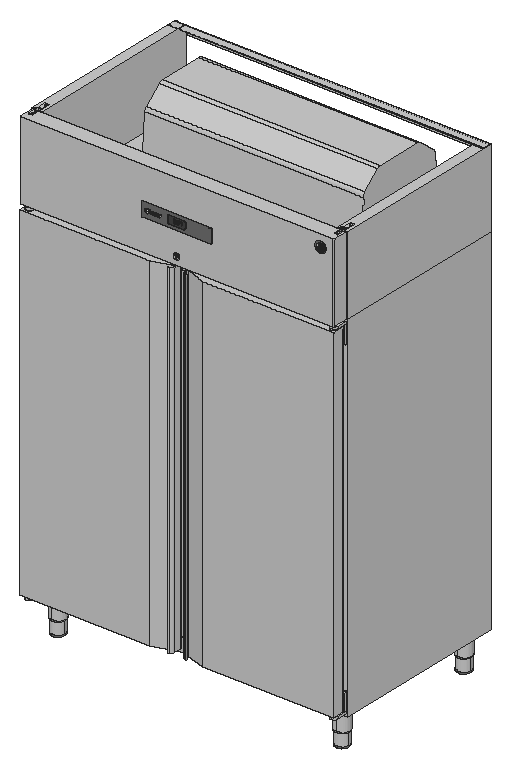
Revit family "QF_HOSHIZAKI_133141070", category Specialty Equipment, Revit 2016
Family settings
  Part Type = Normal
  Round Connector Dimension = Use Diameter
  OmniClass Number = 23.40.40.14
  OmniClass Title = Food Service Equipment
  Work Plane-Based = No
  Always vertical = Yes
  Cut with Voids When Loaded = No
  Shared = No
  Room Calculation Point = No
Parameters (values of type "133141070_230V/1Ph/50Hz")
  Weight = 183.00 kg
  Volts = 230 V
  URL Cutsheet = ""
  URL = "www.hoshizaki-europe.com"
  Status [instance] = ""
  Specification by User [instance] = ""
  Specification by Manufacturer [instance] = ""
  Serial Number = ""
  Seismic Rating = ""
  SMACNA No = ""
  Revision Code [instance] = ""
  Phase = 1
  Number of Poles = 2
  NAFEM Spec ID Number = ""
  Model = "ADVANCE F 140-4 L"
  Min Ckt Ampacity = 0 A
  Max Overcurrent Protection = 0 A
  Masterspec = ""
  Manufacturer = "HOSHIZAKI"
  Length Actual = 1344 mm
  Item Number [instance] = ""
  Installed By [instance] = ""
  Identify Quantity as Lot [instance] = no
  Height Actual = 2000 mm
  HP power = ""
  Furnished By [instance] = ""
  Foodservice Equipment Identifier [instance] = yes
  FL Amps = 46.08 A
  Electric power = 10600 W
  Electric Connection Type [instance] = ""
  Elec Conn RI Height [instance] = 0 mm
  Elec Conn Connection Height [instance] = 1550 mm
  Description = "ADVANCE DOUBLE DOOR FREEZER, 2/1 DEEP, AISI430 STAINLESS STEEL EXTERIOR AND INTERIOR, HC NATURAL REFRIGERANT, LEGS"
  Depth Actual = 830 mm
  Cycle = 50 Hz
  Cost = 0
  Conn Plug = ""
  Conn Conduit = no
  CSI MasterFormat = ""
  Assembly Code = "E1090320"
  Apparent Power = 10600 VA
  Accessory = no
Reference planes
  plane 1 "Center (Front/Back)": y = 0
  plane 2: z = 0
  plane 3 "Center (Left/Right)": x = 0
Forms (mm)
  Extrusion 1, solid, not visible
    sketch origin (1314, -2, 1699) x (1, 0, 0) y (0, 1, 0)
      loop
        line (0, 0) -> (2, 0) -> (2, 2) -> (0, 2) -> (0, 0)
    from 0 to 2
Dimensions and locks
  aligned and locked: level to plane 2
Nested families
  nested 1: "QF_HOSHIZAKI_133141070_230V_1Ph_50Hz" at (0, 0, 150), type "133141070_230V/1Ph/50Hz"
    with Show Logo yes, Show Clearance yes
  nested 2: "QF_HOSHIZAKI_PRE_ADV_LEGS" at (0, 0, 0), type "760660118-1344X830"
    with Length Actual 1344 mm, Height Actual 150 mm, Depth Actual 830 mm
Connectors
  electrical at (1315, 0, 1700), driven by "Apparent Power", driven by "Number of Poles", driven by "Volts"
    settings: on Extrusion 1, index 1, voltage 230 V, apparent load 0 VA, apparent load phase1 10600 VA, apparent load phase2 0 VA, apparent load phase3 0 VA, power factor 1, load classification "Other", number of poles 2, system type 31, power factor state 1, is connector primary yes, connector utility no, sub classification motor no, connector description "Electric connection for '133141070'"
Definition of nested family "QF_HOSHIZAKI_133141070_230V_1Ph_50Hz"
  Parameters (values of type "133141070_230V/1Ph/50Hz")
    URL = "www.hoshizaki-europe.com"
    Show Logo [instance] = yes
    Show Clearance [instance] = yes
    Model = "ADVANCE F 140-4 L"
    Manufacturer = "HOSHIZAKI"
    Description = "ADVANCE DOUBLE DOOR FREEZER, 2/1 DEEP, AISI 304 STAINLESS STEEL EXTERIOR AND INTERIOR, HC NATURAL REFRIGERANT, LEGS"
    Assembly Code = "E1090320"
  Types (6, lengths in mm): name | Model | Description
    131141070 | "ADVANCE K 140-4 L" | "ADVANCE DOUBLE DOOR REFRIGERATOR, 2/1 GN DEEP, AISI 304 STAINLESS STEEL EXTERIOR AND INTERIOR, HC NATURAL REFRIGERANT, LEGS"
    133141070_230V/1Ph/50Hz | "ADVANCE F 140-4 L" | "ADVANCE DOUBLE DOOR FREEZER, 2/1 DEEP, AISI 304 STAINLESS STEEL EXTERIOR AND INTERIOR, HC NATURAL REFRIGERANT, LEGS"
    123142070 | "ADVANCE F 140-3 C" | "ADVANCE DOUBLE DOOR FREEZER, 2/1 DEEP, AISI 403 STAINLESS STEEL EXTERIOR AND INTERIOR, HC NATURAL REFRIGERANT, CASTORS"
    131142090 | "ADVANCE K 140-4 C U" | "ADVANCE DOUBLE DOOR REFRIGERATOR, 2/1 GN DEEP, AISI 304 STAINLESS STEEL EXTERIOR AND INTERIOR, HC NATURAL REFRIGERANT, CASTORS"
    133142090 | "ADVANCE F 140-4 C U" | "ADVANCE DOUBLE DOOR FREEZER, 2/1 DEEP, AISI 304 STAINLESS STEEL EXTERIOR AND INTERIOR, HC NATURAL REFRIGERANT, CASTORS"
    12142070 | "ADVANCE K 140-3 C" | "ADVANCE DOUBLE DOOR REFRIGERATOR, 2/1 GN DEEP, AISI 403 STAINLESS STEEL EXTERIOR AND INTERIOR, HC NATURAL REFRIGERANT, CASTORS"
  Reference planes
    plane 1 "Back": y = 0
    plane 2: z = 0
    plane 3 "Left": x = 0
    plane 4 "Right": x = 1344
    plane 5 "Front": y = -830.03
    plane 6 "Top": z = 1850
  Forms (mm)
    Extrusion 1, solid
      sketch origin (653.43, 17.68, 1850) x (1, 0, 0) y (0, 1, 0)
        loop
          line (675.57, -773.038) -> (675.57, -726.21) -> (660.57, -726.21) -> (660.57, -773.038) -> (675.57, -773.038)
        loop
          circle (668.07, -734.247) r 1.711
        loop
          circle (668.07, -765.001) r 1.711
      from 0 to 2
    Extrusion 2, solid
      sketch origin (653.43, -41.179, 1850) x (1, 0, 0) y (0, 1, 0)
        loop
          line (675.57, -752.351) -> (675.57, -720.851) -> (660.57, -720.851) -> (660.57, -752.351) -> (675.57, -752.351)
        loop
          circle (668.07, -727.851) r 1.711
        loop
          circle (668.07, -745.351) r 1.711
      from 0 to 2
    Extrusion 3, solid
      sketch origin (1314, 17.68, -100.1) x (0, 1, 0) y (0, 0, 1)
        loop
          arc (-776.21, 1952.1) -> (-777.016, 1954.865) -> (-774.851, 1952.966) r 1.5
          line (-774.851, 1952.966) -> (-772.968, 1952.281)
          arc (-772.968, 1952.281) -> (-778.164, 1956.504) -> (-776.21, 1950.1) r 3.5
          line (-776.21, 1950.1) -> (-773.038, 1950.1) -> (-773.038, 1952.1) -> (-776.21, 1952.1)
      from 0 to 15
    Extrusion 4, solid
      sketch origin (-645.57, 17.68, 1850) x (1, 0, 0) y (0, 1, 0)
        loop
          line (675.57, -773.038) -> (675.57, -726.21) -> (660.57, -726.21) -> (660.57, -773.038) -> (675.57, -773.038)
        loop
          circle (668.07, -734.247) r 1.711
        loop
          circle (668.07, -765.001) r 1.711
      from 0 to 2
    Extrusion 5, solid
      sketch origin (-645.57, -41.179, 1850) x (1, 0, 0) y (0, 1, 0)
        loop
          line (675.57, -752.351) -> (675.57, -720.851) -> (660.57, -720.851) -> (660.57, -752.351) -> (675.57, -752.351)
        loop
          circle (668.07, -727.851) r 1.711
        loop
          circle (668.07, -745.351) r 1.711
      from 0 to 2
    Extrusion 6, solid
      sketch origin (15, 17.68, -100.1) x (0, 1, 0) y (0, 0, 1)
        loop
          arc (-776.21, 1952.1) -> (-777.016, 1954.865) -> (-774.851, 1952.966) r 1.5
          line (-774.851, 1952.966) -> (-772.968, 1952.281)
          arc (-772.968, 1952.281) -> (-778.164, 1956.504) -> (-776.21, 1950.1) r 3.5
          line (-776.21, 1950.1) -> (-773.038, 1950.1) -> (-773.038, 1952.1) -> (-776.21, 1952.1)
      from 0 to 15
    Extrusion 7, solid
      sketch origin (0, 0, -100) x (0, 1, 0) y (0, 0, 1)
        loop
          line (-760.03, 1617.5) -> (0, 1617.5) -> (0, 1948.5)
          arc (0, 1948.5) -> (-0.439, 1949.561) -> (-1.5, 1950) r 1.5
          line (-1.5, 1950) -> (-759.38, 1950)
          arc (-759.38, 1950) -> (-759.84, 1949.81) -> (-760.03, 1949.35) r 0.65
          line (-760.03, 1949.35) -> (-760.03, 1617.5)
      from 0 to 45
    Extrusion 8, solid
      sketch origin (1299, 0, -100) x (0, 1, 0) y (0, 0, 1)
        loop
          line (-760.03, 1617.5) -> (0, 1617.5) -> (0, 1948.5)
          arc (0, 1948.5) -> (-0.439, 1949.561) -> (-1.5, 1950) r 1.5
          line (-1.5, 1950) -> (-759.38, 1950)
          arc (-759.38, 1950) -> (-759.84, 1949.81) -> (-760.03, 1949.35) r 0.65
          line (-760.03, 1949.35) -> (-760.03, 1617.5)
      from 0 to 45
    Extrusion 9, solid
      sketch origin (0, 1.5, -100.1) x (0, 1, 0) y (0, 0, 1)
        loop
          line (-1.51, 1951.6) -> (-38.51, 1951.6) -> (-38.51, 1950.1) -> (-3, 1950.1)
          arc (-3, 1950.1) -> (-1.939, 1949.661) -> (-1.5, 1948.6) r 1.5
          line (-1.5, 1948.6) -> (-1.5, 1914.7) -> (0, 1914.7) -> (0, 1950.09)
          arc (0, 1950.09) -> (-0.442, 1951.158) -> (-1.51, 1951.6) r 1.51
      from 1.06 to 1343.06
    Extrusion 10, solid
      sketch origin (0, 17.57, 1849.9) x (1, 0, 0) y (0, 1, 0)
        loop
          line (4.5, -778.8) -> (4.5, -842.7)
          arc (4.5, -842.7) -> (5.935, -846.165) -> (9.4, -847.6) r 4.9
          line (9.4, -847.6) -> (1334.6, -847.6)
          arc (1334.6, -847.6) -> (1338.065, -846.165) -> (1339.5, -842.7) r 4.9
          line (1339.5, -842.7) -> (1339.5, -778.8)
          arc (1339.5, -778.8) -> (1339.149, -777.951) -> (1338.3, -777.6) r 1.2
          line (1338.3, -777.6) -> (5.7, -777.6)
          arc (5.7, -777.6) -> (4.851, -777.951) -> (4.5, -778.8) r 1.2
      from -332.4 to 0.1
    Extrusion 11, solid
      sketch origin (0, 0, -100) x (1, 0, 0) y (0, 0, 1)
        loop
          line (45, 1638.52) -> (45, 1617.5) -> (1299, 1617.5) -> (1299, 1638.52) -> (45, 1638.52)
      from 0 to 760.03
    Extrusion 12, solid
      sketch origin (0, 0, 0) x (1, 0, 0) y (0, 0, 1)
        loop
          line (0, 1517.5) -> (0, 0) -> (1344, 0) -> (1344, 1517.5) -> (0, 1517.5)
        loop
          line (60, 1457.5) -> (60, 60) -> (1284, 60) -> (1284, 1457.5) -> (60, 1457.5)
      from 0 to 760.03
    Extrusion 13, solid
      sketch origin (0, 0, 0) x (1, 0, 0) y (0, 0, 1)
        loop
          line (60, 60) -> (1284, 60) -> (1284, 1457.5) -> (60, 1457.5) -> (60, 60)
      from 0 to 45
    Extrusion 14, solid
      sketch origin (0, -660.03, 0) x (1, 0, 0) y (0, 0, 1)
        loop
          line (630, 1457.5) -> (630, 60) -> (714, 60) -> (714, 1457.5) -> (630, 1457.5)
      from 0 to 100
    Extrusion 15, solid
      sketch origin (672, -795.027, 27.1) x (-1, 0, 0) y (0, 0, -1)
        loop
          line (637.933, -1453.343) -> (637.933, -14.657) -> (53.047, -14.657) -> (53.047, -1453.343) -> (637.933, -1453.343)
        loop
          line (73.047, -1433.343) -> (617.933, -1433.343) -> (617.933, -34.657) -> (73.047, -34.657) -> (73.047, -1433.343)
      from -34.997 to -15.007
    Extrusion 16, solid
      sketch origin (686.75, -756.398, 1495.1) x (-1, 0, 0) y (0, -1, 0)
        loop
          line (646.35, 3.632) -> (678.35, 3.632) -> (678.35, 45.629)
          arc (678.35, 45.629) -> (662.35, 61.629) -> (646.35, 45.629) r 16
          line (646.35, 45.629) -> (646.35, 3.632)
        loop
          circle (662.35, 45.629) r 5
      from 2.9 to 9.9
    Extrusion 17, solid
      sketch origin (686.75, -757.401, -74.9) x (0, 1, 0) y (0, 0, -1)
        loop
          line (-9.129, -1500.199) -> (-9.129, -1572.9) -> (-2.629, -1572.9) -> (-2.629, -1493.9) -> (-4.629, -1493.9) -> (-9.129, -1500.199)
      from 646.35 to 678.35
    Extrusion 18, solid
      sketch origin (686.75, -756.398, 1495.1) x (-1, 0, 0) y (0, -1, 0)
        loop
          circle (662.35, 45.629) r 16
      from 0 to 2.9
    Extrusion 19, solid
      sketch origin (686.75, -756.398, 1495.1) x (-1, 0, 0) y (0, -1, 0)
        loop
          circle (662.35, 45.629) r 5
      from 0 to 9.9
    Extrusion 20, solid
      sketch origin (686.75, -756.398, 25.1) x (-1, 0, 0) y (0, -1, 0)
        loop
          line (602.25, 32.879) -> (677.25, 32.879) -> (677.25, 58.379) -> (602.25, 58.379) -> (602.25, 32.879)
        loop
          circle (636.875, 45.629) r 5
        loop
          circle (611.525, 45.629) r 5
      from 0 to 2
    Extrusion 21, solid
      sketch origin (686.75, -756.398, 7.1) x (0, 1, 0) y (-1, 0, 0)
        loop
          line (-3.632, 646.35) -> (-3.632, 678.35) -> (-45.629, 678.35)
          arc (-45.629, 678.35) -> (-61.629, 662.35) -> (-45.629, 646.35) r 16
          line (-45.629, 646.35) -> (-3.632, 646.35)
        loop
          circle (-45.629, 662.35) r 5
      from 2.9 to 9.9
    Extrusion 22, solid
      sketch origin (686.75, -757.401, 1589.9) x (0, 1, 0) y (0, 0, -1)
        loop
          line (-9.129, 1500.199) -> (-4.629, 1493.9) -> (-2.629, 1493.9) -> (-2.629, 1572.9) -> (-9.129, 1572.9) -> (-9.129, 1500.199)
      from 646.35 to 678.35
    Extrusion 23, solid
      sketch origin (686.75, -756.398, 9) x (0, 1, 0) y (-1, 0, 0)
        loop
          circle (-45.629, 662.35) r 5
      from 0 to 16.1
    Extrusion 24, solid
      sketch origin (774.882, -873.184, 27.1) x (-1, 0, 0) y (0, -1, 0)
        loop
          arc (769.772, -93.164) -> (770.203, -92.985) -> (770.382, -92.554) r 0.61
          line (770.382, -92.554) -> (770.382, -43.764)
          arc (770.382, -43.764) -> (770.203, -43.333) -> (769.772, -43.154) r 0.61
          line (769.772, -43.154) -> (216.079, -43.154) -> (127.057, -70.711) -> (127.057, -60.1)
          arc (127.057, -60.1) -> (129.536, -52.667) -> (135.929, -48.138) r 12.598
          line (135.929, -48.138) -> (143.363, -45.837)
          arc (143.363, -45.837) -> (143.923, -44.774) -> (142.86, -44.213) r 0.85
          line (142.86, -44.213) -> (135.209, -46.581)
          arc (135.209, -46.581) -> (128.081, -51.647) -> (125.349, -59.955) r 14
          line (125.349, -59.955) -> (125.349, -92.354)
          arc (125.349, -92.354) -> (125.586, -92.927) -> (126.159, -93.164) r 0.81
          line (126.159, -93.164) -> (769.772, -93.164)
      from 0 to 1468
    Extrusion 25, solid
      sketch origin (672, -795.027, 27.1) x (1, 0, 0) y (0, 0, 1)
        loop
          line (637.933, 1453.343) -> (53.047, 1453.343) -> (53.047, 14.657) -> (637.933, 14.657) -> (637.933, 1453.343)
        loop
          line (73.047, 1433.343) -> (73.047, 34.657) -> (617.933, 34.657) -> (617.933, 1433.343) -> (73.047, 1433.343)
      from -34.997 to -15.007
    Extrusion 26, solid
      sketch origin (657.25, -756.398, 1495.1) x (1, 0, 0) y (0, 1, 0)
        loop
          line (646.35, -3.632) -> (646.35, -45.629)
          arc (646.35, -45.629) -> (662.35, -61.629) -> (678.35, -45.629) r 16
          line (678.35, -45.629) -> (678.35, -3.632) -> (646.35, -3.632)
        loop
          circle (662.35, -45.629) r 5
      from 2.9 to 9.9
    Extrusion 27, solid
      sketch origin (657.25, -757.401, -74.9) x (0, 1, 0) y (0, 0, 1)
        loop
          line (-9.129, 1500.199) -> (-4.629, 1493.9) -> (-2.629, 1493.9) -> (-2.629, 1572.9) -> (-9.129, 1572.9) -> (-9.129, 1500.199)
      from 646.35 to 678.35
    Extrusion 28, solid
      sketch origin (657.25, -756.398, 1495.1) x (1, 0, 0) y (0, 1, 0)
        loop
          circle (662.35, -45.629) r 16
      from 0 to 2.9
    Extrusion 29, solid
      sketch origin (657.25, -756.398, 1495.1) x (1, 0, 0) y (0, 1, 0)
        loop
          circle (662.35, -45.629) r 5
      from 0 to 9.9
    Extrusion 30, solid
      sketch origin (657.25, -756.398, 25.1) x (1, 0, 0) y (0, 1, 0)
        loop
          line (602.25, -32.879) -> (602.25, -58.379) -> (677.25, -58.379) -> (677.25, -32.879) -> (602.25, -32.879)
        loop
          circle (636.875, -45.629) r 5
        loop
          circle (611.525, -45.629) r 5
      from 0 to 2
    Extrusion 31, solid
      sketch origin (657.25, -756.398, 7.1) x (0, -1, 0) y (1, 0, 0)
        loop
          line (3.632, 646.35) -> (45.629, 646.35)
          arc (45.629, 646.35) -> (61.629, 662.35) -> (45.629, 678.35) r 16
          line (45.629, 678.35) -> (3.632, 678.35) -> (3.632, 646.35)
        loop
          circle (45.629, 662.35) r 5
      from 2.9 to 9.9
    Extrusion 32, solid
      sketch origin (657.25, -757.401, 1589.9) x (0, 1, 0) y (0, 0, 1)
        loop
          line (-9.129, -1500.199) -> (-9.129, -1572.9) -> (-2.629, -1572.9) -> (-2.629, -1493.9) -> (-4.629, -1493.9) -> (-9.129, -1500.199)
      from 646.35 to 678.35
    Extrusion 33, solid
      sketch origin (657.25, -756.398, 9) x (0, -1, 0) y (1, 0, 0)
        loop
          circle (45.629, 662.35) r 5
      from 0 to 16.1
    Extrusion 34, solid
      sketch origin (569.118, -873.184, 27.1) x (1, 0, 0) y (0, 1, 0)
        loop
          line (769.772, 93.164) -> (126.159, 93.164)
          arc (126.159, 93.164) -> (125.586, 92.927) -> (125.349, 92.354) r 0.81
          line (125.349, 92.354) -> (125.349, 59.955)
          arc (125.349, 59.955) -> (128.081, 51.647) -> (135.209, 46.581) r 14
          line (135.209, 46.581) -> (142.86, 44.213)
          arc (142.86, 44.213) -> (143.923, 44.774) -> (143.363, 45.837) r 0.85
          line (143.363, 45.837) -> (135.929, 48.138)
          arc (135.929, 48.138) -> (129.536, 52.667) -> (127.057, 60.1) r 12.598
          line (127.057, 60.1) -> (127.057, 70.711) -> (216.079, 43.154) -> (769.772, 43.154)
          arc (769.772, 43.154) -> (770.203, 43.333) -> (770.382, 43.764) r 0.61
          line (770.382, 43.764) -> (770.382, 92.554)
          arc (770.382, 92.554) -> (770.203, 92.985) -> (769.772, 93.164) r 0.61
      from 0 to 1468
    Extrusion 35, solid
      sketch origin (-12.78, 0, -100) x (0, 1, 0) y (0, 0, 1)
        loop
          arc (-113.281, 1932.651) -> (-120.8, 1936.992) -> (-129.35, 1938.5) r 25
          line (-129.35, 1938.5) -> (-324.65, 1938.5)
          arc (-324.65, 1938.5) -> (-333.2, 1936.992) -> (-340.719, 1932.651) r 25
          line (-340.719, 1932.651) -> (-408.922, 1875.423)
          arc (-408.922, 1875.423) -> (-415.027, 1867.815) -> (-417.757, 1858.45) r 25
          line (-417.757, 1858.45) -> (-436.998, 1638.52) -> (-17.002, 1638.52) -> (-36.243, 1858.45)
          arc (-36.243, 1858.45) -> (-38.973, 1867.815) -> (-45.078, 1875.423) r 25
          line (-45.078, 1875.423) -> (-113.281, 1932.651)
      from 219.97 to 1149.59
    Extrusion 36, solid, visible <- "Show Logo"
      sketch origin (1743.884, -828.53, -60.1) x (-1, 0, 0) y (0, 0, -1)
        loop
          circle (459.884, -1862.5) r 13.99
      from 0 to 2.5
    Extrusion 37, solid, visible <- "Show Logo"
      sketch origin (1743.884, -829.03, -60.1) x (-1, 0, 0) y (0, 0, -1)
        loop
          circle (459.884, -1862.5) r 15
        loop
          arc (446.884, -1862.5) -> (460.705, -1875.474) -> (472.781, -1860.863) r 13
          line (472.781, -1860.863) -> (470.355, -1858.437) -> (469.346, -1862.201) -> (466.355, -1863.928) -> (465.024, -1865.26) -> (463.375, -1865.26) -> (462.04, -1870.241) -> (457.755, -1870.241) -> (459.339, -1867.979) -> (460.402, -1864.014) -> (461.224, -1860.945) -> (462.416, -1856.497) -> (461.216, -1855.297) -> (459.433, -1857.843) -> (455.784, -1851.523) -> (460.361, -1851.523) -> (461.471, -1853.446) -> (469.213, -1853.446)
          arc (469.213, -1853.446) -> (460.394, -1849.51) -> (451.293, -1852.743) r 13
          line (451.293, -1852.743) -> (455.577, -1853.891) -> (453.752, -1856.497) -> (455.349, -1856.497) -> (454.477, -1866.459) -> (452.538, -1866.459) -> (446.884, -1862.5)
        loop
          line (447.853, -1857.467) -> (452.313, -1861.926) -> (450.144, -1853.891)
          arc (450.144, -1853.891) -> (448.878, -1855.602) -> (447.853, -1857.467) r 15.828
        loop
          line (463.583, -1862.877) -> (466.64, -1862.399) -> (464.901, -1861.285) -> (463.583, -1857.664) -> (463.583, -1862.877)
        loop
          line (464.827, -1855.979) -> (468.296, -1856.908) -> (469.573, -1854.916) -> (468.881, -1854.224) -> (467.914, -1855.035) -> (464.827, -1855.979)
        loop
          line (462.609, -1872.307) -> (462.609, -1874.009) -> (464.927, -1873.388) -> (462.609, -1872.307)
        loop
          line (460.361, -1874.662) -> (459.594, -1873.335) -> (460.801, -1872.638) -> (459.186, -1872.205) -> (458.298, -1874.11) -> (460.361, -1874.662)
        loop
          line (459.623, -1846.783) -> (460.706, -1845.701) -> (462.247, -1845.701) -> (461.191, -1844.645) -> (461.503, -1842.874) -> (459.623, -1843.959) -> (457.743, -1842.874) -> (458.055, -1844.645) -> (456.999, -1845.701) -> (458.54, -1845.701) -> (459.623, -1846.783)
        loop
          line (446.86, -1853.7) -> (446.594, -1852.191) -> (447.478, -1850.929) -> (446.007, -1851.188) -> (444.736, -1849.917) -> (444.547, -1852.08) -> (442.579, -1852.997) -> (444.209, -1853.757) -> (444.468, -1855.228) -> (445.352, -1853.965) -> (446.86, -1853.7)
        loop
          line (452.395, -1848.68) -> (452.856, -1847.219) -> (454.223, -1846.508) -> (452.799, -1846.059) -> (452.258, -1844.344) -> (451.091, -1846.175) -> (448.922, -1846.08) -> (450.017, -1847.507) -> (449.568, -1848.931) -> (450.935, -1848.219) -> (452.395, -1848.68)
        loop
          line (472.909, -1853.7) -> (474.417, -1853.965) -> (475.301, -1855.228) -> (475.56, -1853.757) -> (477.19, -1852.997) -> (475.222, -1852.08) -> (475.033, -1849.917) -> (473.761, -1851.188) -> (472.291, -1850.929) -> (473.175, -1852.191) -> (472.909, -1853.7)
        loop
          line (467.374, -1848.68) -> (468.834, -1848.219) -> (470.201, -1848.931) -> (469.752, -1847.507) -> (470.847, -1846.08) -> (468.678, -1846.175) -> (467.511, -1844.344) -> (466.97, -1846.059) -> (465.546, -1846.508) -> (466.913, -1847.219) -> (467.374, -1848.68)
      from 0 to 2.5
    Extrusion 38, solid, visible <- "Show Logo"
      sketch origin (1743.884, -829.03, -60.1) x (-1, 0, 0) y (0, 0, -1)
        loop
          line (462.609, -1874.009) -> (462.609, -1872.307) -> (462.085, -1870.241) -> (457.755, -1870.241) -> (459.339, -1867.979) -> (462.416, -1856.497) -> (461.216, -1855.297) -> (459.433, -1857.843) -> (455.808, -1851.565) -> (453.948, -1851.565) -> (455.577, -1853.891) -> (454.477, -1866.459) -> (456.345, -1871.339)
          arc (456.345, -1871.339) -> (456.868, -1874.025) -> (459.213, -1875.435) r 3.366
          arc (459.213, -1875.435) -> (460.198, -1875.496) -> (461.183, -1875.435) r 8.046
          line (461.183, -1875.435) -> (462.609, -1874.009)
        loop
          line (456.854, -1851.523) -> (460.361, -1851.523) -> (460.916, -1852.485) -> (462.702, -1852.485) -> (463.779, -1851.407) -> (460.623, -1851.407) -> (461.563, -1850.468) -> (456.245, -1850.468) -> (456.854, -1851.523)
        loop
          line (460.361, -1874.662) -> (459.594, -1873.335) -> (460.801, -1872.638) -> (459.186, -1872.205) -> (458.298, -1874.11) -> (460.361, -1874.662)
      from 0 to 2.5
    Extrusion 39, solid, visible <- "Show Logo"
      sketch origin (1729.5, -828.53, 1238.8) x (-1, 0, 0) y (0, 0, -1)
        loop
          circle (445.5, -563.6) r 22.5
      from 0 to 2
    Extrusion 40, solid
      sketch origin (964.076, -828.53, -100.11) x (1, 0, 0) y (0, 0, 1)
        loop
          arc (-147.076, 1752.13) -> (-143.541, 1753.594) -> (-142.076, 1757.13) r 5
          line (-142.076, 1757.13) -> (-142.076, 1807.13)
          arc (-142.076, 1807.13) -> (-143.541, 1810.666) -> (-147.076, 1812.13) r 5
          line (-147.076, 1812.13) -> (-437.076, 1812.13)
          arc (-437.076, 1812.13) -> (-440.612, 1810.666) -> (-442.076, 1807.13) r 5
          line (-442.076, 1807.13) -> (-442.076, 1757.13)
          arc (-442.076, 1757.13) -> (-440.612, 1753.594) -> (-437.076, 1752.13) r 5
          line (-437.076, 1752.13) -> (-147.076, 1752.13)
        loop
          line (-329.576, 1792.63) -> (-329.576, 1771.63)
          arc (-329.576, 1771.63) -> (-327.819, 1767.387) -> (-323.576, 1765.63) r 6
          line (-323.576, 1765.63) -> (-260.576, 1765.63)
          arc (-260.576, 1765.63) -> (-256.334, 1767.387) -> (-254.576, 1771.63) r 6
          line (-254.576, 1771.63) -> (-254.576, 1792.63)
          arc (-254.576, 1792.63) -> (-256.334, 1796.873) -> (-260.576, 1798.63) r 6
          line (-260.576, 1798.63) -> (-323.576, 1798.63)
          arc (-323.576, 1798.63) -> (-327.819, 1796.873) -> (-329.576, 1792.63) r 6
      from 0 to 2
    Extrusion 41, solid
      sketch origin (964.076, -828.53, -100.11) x (1, 0, 0) y (0, 0, 1)
        loop
          arc (-323.576, 1798.63) -> (-327.819, 1796.873) -> (-329.576, 1792.63) r 6
          line (-329.576, 1792.63) -> (-329.576, 1771.63)
          arc (-329.576, 1771.63) -> (-327.819, 1767.387) -> (-323.576, 1765.63) r 6
          line (-323.576, 1765.63) -> (-260.576, 1765.63)
          arc (-260.576, 1765.63) -> (-256.334, 1767.387) -> (-254.576, 1771.63) r 6
          line (-254.576, 1771.63) -> (-254.576, 1792.63)
          arc (-254.576, 1792.63) -> (-256.334, 1796.873) -> (-260.576, 1798.63) r 6
          line (-260.576, 1798.63) -> (-323.576, 1798.63)
      from 0 to 2
    Extrusion 42, solid
      sketch origin (964.076, -829.03, -100.11) x (1, 0, 0) y (0, 0, 1)
        loop
          line (-298.911, 1787.691) -> (-298.115, 1788.439) -> (-298.929, 1789.206) -> (-304.501, 1789.206) -> (-305.3, 1788.422) -> (-304.534, 1787.691) -> (-298.911, 1787.691)
        loop
          line (-296.938, 1787.449) -> (-297.831, 1788.111) -> (-298.725, 1787.449) -> (-298.725, 1783.432) -> (-297.831, 1782.769) -> (-296.938, 1783.432) -> (-296.938, 1787.449)
        loop
          line (-298.911, 1777.181) -> (-304.534, 1777.181) -> (-305.3, 1776.45) -> (-304.501, 1775.666) -> (-298.929, 1775.666) -> (-298.115, 1776.432) -> (-298.911, 1777.181)
        loop
          line (-296.938, 1777.423) -> (-296.938, 1781.44) -> (-297.831, 1782.103) -> (-298.725, 1781.44) -> (-298.725, 1777.423) -> (-297.831, 1776.761) -> (-296.938, 1777.423)
        loop
          line (-298.911, 1783.189) -> (-304.534, 1783.189) -> (-305.3, 1782.459) -> (-304.501, 1781.675) -> (-298.929, 1781.675) -> (-298.115, 1782.441) -> (-298.911, 1783.189)
        loop
          line (-270.911, 1787.691) -> (-270.115, 1788.439) -> (-270.929, 1789.206) -> (-276.501, 1789.206) -> (-277.3, 1788.422) -> (-276.534, 1787.691) -> (-270.911, 1787.691)
        loop
          line (-268.938, 1787.449) -> (-269.831, 1788.111) -> (-270.725, 1787.449) -> (-270.725, 1783.432) -> (-269.831, 1782.769) -> (-268.938, 1783.432) -> (-268.938, 1787.449)
        loop
          line (-268.938, 1777.423) -> (-268.938, 1781.44) -> (-269.831, 1782.103) -> (-270.725, 1781.44) -> (-270.725, 1777.423) -> (-269.831, 1776.761) -> (-268.938, 1777.423)
        loop
          line (-294.968, 1776.333) -> (-293.829, 1775.386) -> (-292.676, 1776.348) -> (-293.829, 1777.28) -> (-294.968, 1776.333)
        loop
          line (-282.911, 1777.226) -> (-288.534, 1777.226) -> (-289.3, 1776.496) -> (-288.501, 1775.712) -> (-282.929, 1775.712) -> (-282.115, 1776.478) -> (-282.911, 1777.226)
        loop
          line (-280.938, 1777.469) -> (-280.938, 1781.486) -> (-281.831, 1782.148) -> (-282.725, 1781.486) -> (-282.725, 1777.469) -> (-281.831, 1776.806) -> (-280.938, 1777.469)
        loop
          line (-282.911, 1787.737) -> (-282.115, 1788.485) -> (-282.929, 1789.251) -> (-288.501, 1789.251) -> (-289.3, 1788.467) -> (-288.534, 1787.737) -> (-282.911, 1787.737)
        loop
          line (-280.938, 1787.494) -> (-281.831, 1788.157) -> (-282.725, 1787.494) -> (-282.725, 1783.477) -> (-281.831, 1782.815) -> (-280.938, 1783.477) -> (-280.938, 1787.494)
        loop
          line (-282.911, 1781.728) -> (-282.115, 1782.476) -> (-282.929, 1783.243) -> (-288.501, 1783.243) -> (-289.3, 1782.459) -> (-288.534, 1781.728) -> (-282.911, 1781.728)
        loop
          line (-290.492, 1787.494) -> (-290.492, 1783.477) -> (-289.599, 1782.815) -> (-288.705, 1783.477) -> (-288.705, 1787.494) -> (-289.599, 1788.157) -> (-290.492, 1787.494)
      from 0 to 2
    Revolve 43, solid
      sketch origin (672, 917.57, -100.11) x (0, 1, 0) y (0, 0, 1)
        loop
          line (-1752.6, 1652.1) -> (-1747.6, 1652.1) -> (-1747.6, 1662.634)
          arc (-1747.6, 1662.634) -> (-1748.329, 1663.731) -> (-1749.631, 1663.534) r 1.226
          line (-1749.631, 1663.534) -> (-1752.6, 1660.565) -> (-1752.6, 1652.1)
        axis (-1747.6, 1652.1) -> (-1752.6, 1652.1)
      angle from 0 to 360
    Extrusion 44, void
      sketch origin (-473.06, -833.53, -101.61) x (1, 0, 0) y (0, 0, 1)
        loop
          line (1143.96, 1657.815) -> (1143.96, 1649.385) -> (1146.16, 1649.385) -> (1146.16, 1657.815) -> (1143.96, 1657.815)
      from -1.469 to 2
    Extrusion 45, solid, visible <- "Show Logo"
      sketch origin (1132.623, -829.03, -98.186) x (1, 0, 0) y (0, 0, 1)
        loop
          line (-574.302, 1788.729) -> (-583.131, 1788.729)
          arc (-583.131, 1788.729) -> (-589.303, 1787.599) -> (-594.673, 1784.355) r 17.416
          arc (-594.673, 1784.355) -> (-596.462, 1781.094) -> (-595.769, 1777.439) r 5.506
          arc (-595.769, 1777.439) -> (-593.146, 1774.866) -> (-589.587, 1773.956) r 7.07
          line (-589.587, 1773.956) -> (-587.25, 1773.956) -> (-588.248, 1771.34) -> (-581.613, 1771.34) -> (-580.432, 1773.956) -> (-571.398, 1773.956) -> (-569.064, 1779.592) -> (-566.746, 1773.956) -> (-559.715, 1773.956) -> (-557.728, 1776.29) -> (-552.838, 1776.29) -> (-551.953, 1773.956) -> (-545.563, 1773.956) -> (-543.121, 1779.778) -> (-540.707, 1773.914) -> (-533.897, 1779.586) -> (-536.239, 1773.956) -> (-530.603, 1773.956) -> (-526.429, 1784.233) -> (-531.941, 1784.233) -> (-537.329, 1779.747) -> (-539.135, 1784.233) -> (-544.054, 1784.233) -> (-547.268, 1776.58) -> (-550.408, 1784.233) -> (-554.271, 1784.233) -> (-561.118, 1776.477) -> (-561.995, 1776.477) -> (-562.958, 1778.877)
          arc (-562.958, 1778.877) -> (-561.217, 1779.568) -> (-560.011, 1781.001) r 3.84
          arc (-560.011, 1781.001) -> (-560.124, 1783.171) -> (-562.025, 1784.225) r 2.241
          line (-562.025, 1784.225) -> (-573.005, 1784.225) -> (-576.227, 1776.507) -> (-579.37, 1776.507) -> (-576.183, 1784.227) -> (-585.103, 1784.227) -> (-586.099, 1781.742) -> (-583.981, 1781.742) -> (-586.194, 1776.345)
          arc (-586.194, 1776.345) -> (-588.764, 1776.925) -> (-590.188, 1779.141) r 3.476
          arc (-590.188, 1779.141) -> (-590.046, 1780.636) -> (-589.587, 1782.064) r 6.962
          arc (-589.587, 1782.064) -> (-587.018, 1785.071) -> (-583.227, 1786.194) r 6.962
          line (-583.227, 1786.194) -> (-575.446, 1786.194) -> (-574.302, 1788.729)
        loop
          line (-568.201, 1781.677) -> (-568.99, 1779.771) -> (-567.006, 1779.771)
          arc (-567.006, 1779.771) -> (-565.95, 1780.209) -> (-565.513, 1781.264) r 1.493
          arc (-565.513, 1781.264) -> (-565.795, 1781.565) -> (-566.192, 1781.677) r 0.765
          line (-566.192, 1781.677) -> (-568.201, 1781.677)
        loop
          line (-554.482, 1780.63) -> (-556.797, 1778.007) -> (-553.488, 1778.007) -> (-554.482, 1780.63)
      from 0 to 2
    Extrusion 46, solid, visible <- "Show Clearance", detail levels coarse
      sketch origin (0.016, -760.03, 0) x (1, 0, 0) y (0, 1, 0)
        loop
          line (4.5, -70) -> (4.5, -715)
          arc (4.5, -715) -> (460.584, -526.084) -> (649.5, -70) r 645
          line (649.5, -70) -> (4.5, -70)
      from 27.1 to 1495.1
    Extrusion 47, solid, visible <- "Show Clearance", detail levels coarse
      sketch origin (1343.984, -760.03, 0) x (-1, 0, 0) y (0, -1, 0)
        loop
          line (4.5, 70) -> (649.5, 70)
          arc (649.5, 70) -> (460.584, 526.084) -> (4.5, 715) r 645
          line (4.5, 715) -> (4.5, 70)
      from 27.1 to 1495.1
  Cuts and joins
    joined: Extrusion 12, Extrusion 13
    Extrusion 44 cuts Revolve 43
  Lines and regions (mm)
    symbolic lines
      curve 1: line (0, 0, 0) -> (0, -760.03, 0)
      curve 2: line (1344, -760.03, 0) -> (1344, 0, 0)
      curve 3: line (5.11, -830.03, 0) -> (1338.89, -830.03, 0)
      curve 4: line (1344, 0, 0) -> (0, 0, 0)
      curve 5: line (207.19, -37.01, 0) -> (207.19, -436.998, 0)
      curve 6: line (207.19, -436.998, 0) -> (1136.81, -436.998, 0)
      curve 7: line (1136.81, -436.998, 0) -> (1136.81, -37.01, 0)
      curve 8: line (1299, -37.01, 0) -> (1299, -760.03, 0)
      curve 9: line (45, -760.03, 0) -> (45, -37.01, 0)
      curve 10: line (0, -37.01, 0) -> (1344, -37.01, 0)
      curve 11: line (1344, -760.03, 0) -> (0, -760.03, 0)
      curve 12: line (1339.5, -829.42, 0) -> (1339.5, -761.23, 0)
      curve 13: line (4.5, -761.23, 0) -> (4.5, -829.42, 0)
      curve 14: arc (5.7, -760.03, 0) -> (4.851, -760.381, 0) -> (4.5, -761.23, 0) r 1.2
      curve 15: arc (1339.5, -761.23, 0) -> (1339.149, -760.381, 0) -> (1338.3, -760.03, 0) r 1.2
      curve 20: arc (4.5, -829.42, 0) -> (4.679, -829.851, 0) -> (5.11, -830.03, 0) r 0.61
      curve 21: arc (1338.89, -830.03, 0) -> (1339.321, -829.851, 0) -> (1339.5, -829.42, 0) r 0.61
    symbolic lines, visible <- "Show Clearance"
      curve 16: arc (4.516, -1475.03, 0) -> (460.6, -1286.114, 0) -> (649.516, -830.03, 0) r 645
      curve 17: line (4.516, -830.03, 0) -> (4.516, -1475.03, 0)
      curve 18: arc (1339.484, -1475.03, 0) -> (883.4, -1286.114, 0) -> (694.484, -830.03, 0) r 645
      curve 19: line (1339.484, -830.03, 0) -> (1339.484, -1475.03, 0)
  Dimensions and locks
    plane 4 "Right" to plane 3 "Left" = 1344 mm
    plane 6 "Top" to level = 1850 mm  (x2)
    plane 3 "Left" to plane 4 "Right" = 1344 mm
    plane 5 "Front" to plane 1 "Back" = 830.03 mm
    plane 1 "Back" to plane 5 "Front" = 830.03 mm
    aligned and locked: level to plane 2
Definition of nested family "QF_HOSHIZAKI_PRE_ADV_LEGS"
  Parameters (values of type "760660118-1344X830")
    Weight [instance] = 0.00 kg
    URL Cutsheet [instance] = ""
    URL = "www.hoshizaki-europe.com"
    Status [instance] = ""
    Specification by User [instance] = ""
    Specification by Manufacturer [instance] = ""
    Serial Number [instance] = ""
    Seismic Rating [instance] = ""
    SMACNA No [instance] = ""
    Right offset = 67 mm
    Revision Code [instance] = ""
    Rear offset = 58 mm
    NAFEM Spec ID Number [instance] = ""
    Model = "L1"
    Masterspec [instance] = ""
    Manufacturer = "HOSHIZAKI"
    Length Actual [instance] = 1344 mm
    Left offset = 67 mm
    Item Number [instance] = ""
    Installed By [instance] = ""
    Identify Quantity as Lot [instance] = no
    Height Actual [instance] = 150 mm
    Furnished By [instance] = ""
    Front offset = 125 mm
    Foodservice Equipment Identifier [instance] = no
    Description = "SET OF STAINLESS LEGS 130-180 MM"
    Depth Actual [instance] = 830 mm
    Cost = 0
    CSI MasterFormat [instance] = ""
    Assembly Code = "E1090320"
    Accessory [instance] = yes
  Reference planes
    plane 1 "Back": y = 0
    plane 2: z = 0
    plane 3 "Left": x = 0
    plane 4 "Right": x = 1344
    plane 5 "Front": y = -830
    plane 6 "Top": z = 150
    plane 7 "Left offset": x = 67
    plane 8 "Right offset": x = 1277
    plane 9 "Rear offset": y = -58
    plane 10 "Front offset": y = -705
    plane 11 "Central": x = 672
  Dimensions and locks
    "Length Actual": plane 3 "Left" to plane 4 "Right"
    "Depth Actual": plane 5 "Front" to plane 1 "Back"
    "Left offset": plane 3 "Left" to plane 7 "Left offset"
    "Right offset": plane 8 "Right offset" to plane 4 "Right"
    "Rear offset": plane 9 "Rear offset" to plane 1 "Back"
    "Front offset": plane 10 "Front offset" to plane 5 "Front"
    "Height Actual": plane 6 "Top" to plane 2
    equal spacing: plane 7 "Left offset", plane 11 "Central", plane 8 "Right offset"
    aligned and locked: level to plane 2
    aligned and locked: nested 1 to plane 9 "Rear offset"
    aligned and locked: nested 2 to plane 9 "Rear offset"
    aligned and locked: nested 1 to plane 7 "Left offset"
    aligned and locked: nested 2 to plane 8 "Right offset"
    aligned and locked: nested 3 to plane 10 "Front offset"
    aligned and locked: nested 4 to plane 10 "Front offset"
    aligned and locked: nested 3 to plane 7 "Left offset"
    aligned and locked: nested 4 to plane 8 "Right offset"
  Nested families
    nested 1: "QF_LEGS" at (67, -58, 0), type "LEGS"
    nested 2: "QF_LEGS" at (1277, -58, 0), type "LEGS"
    nested 3: "QF_LEGS" at (67, -705, 0), type "LEGS"
    nested 4: "QF_LEGS" at (1277, -705, 0), type "LEGS"
  Definition of nested family "QF_LEGS"
    Parameters (values of type "LEGS")
      Height = 150 mm
    Reference planes
      plane 1 "Center (Front/Back)": y = 0
      plane 2: z = 0
      plane 3 "Center (Left/Right)": x = 0
      plane 4 "Top": z = 150
      plane 5: z = 147.5
    Forms (mm)
      Extrusion 1, solid
        sketch origin (0, 0, 150) x (0, 1, 0) y (-1, 0, 0)
          loop
            line (40, 40) -> (-40, 40) -> (-40, -40) -> (40, -40) -> (40, 40)
        from 0 to -2.5
      Extrusion 2, solid
        sketch origin (-199.986, 580, 0) x (1, 0, 0) y (0, 1, 0)
          loop
            circle (199.986, -580) r 28
        from 5 to 58
      Extrusion 3, solid
        sketch origin (-199.986, 580, 0) x (1, 0, 0) y (0, 1, 0)
          loop
            circle (199.986, -580) r 29
        from 0 to 5
      Revolve 4, solid
        sketch origin (0, 0, 0) x (0, 1, 0) y (0, 0, 1)
          loop
            line (0, 147.5) -> (-31.75, 147.5) -> (-31.75, 61.75)
            arc (-31.75, 61.75) -> (-30.652, 59.098) -> (-28, 58) r 3.75
            line (-28, 58) -> (0, 58) -> (0, 147.5)
          axis (0, 58) -> (0, 147.5)
        angle from 0 to 360
    Dimensions and locks
      "Height": plane 4 "Top" to plane 2
      locked: plane 4 "Top" to plane 5 at 2.5
      aligned and locked: level to plane 2
      aligned and locked: Revolve 4 sketch curve to plane 1 "Center (Front/Back)"
      aligned and locked: Extrusion 1 to plane 5
      aligned and locked: Revolve 4 sketch curve to plane 5
    Automatic sketch dimensions
      plane 1 "Center (Front/Back)" to Extrusion 1 sketch curve = 40 mm
      Extrusion 1 sketch curve to plane 1 "Center (Front/Back)" = 40 mm
      plane 3 "Center (Left/Right)" to Extrusion 1 sketch curve = 40 mm
      Extrusion 1 sketch curve to plane 3 "Center (Left/Right)" = 40 mm
      plane 1 "Center (Front/Back)" to Extrusion 2 sketch curve = 0 mm
      Extrusion 2 sketch curve to plane 3 "Center (Left/Right)" = 0 mm
      plane 1 "Center (Front/Back)" to Extrusion 3 sketch curve = 0 mm
      Extrusion 3 sketch curve to plane 3 "Center (Left/Right)" = 0 mm
      Revolve 4 sketch curve to plane 1 "Center (Front/Back)" = 0 mm
      Revolve 4 sketch curve to plane 5 = 0 mm
      plane 1 "Center (Front/Back)" to Revolve 4 sketch curve = 28 mm
      level to Revolve 4 sketch curve = 61.75 mm
      Revolve 4 sketch curve to Revolve 4 sketch curve = 3.75 mm
      Revolve 4 sketch curve to Revolve 4 sketch curve = 28 mm
      radius of Extrusion 2 sketch curve = 28 mm
      radius of Extrusion 3 sketch curve = 29 mm
